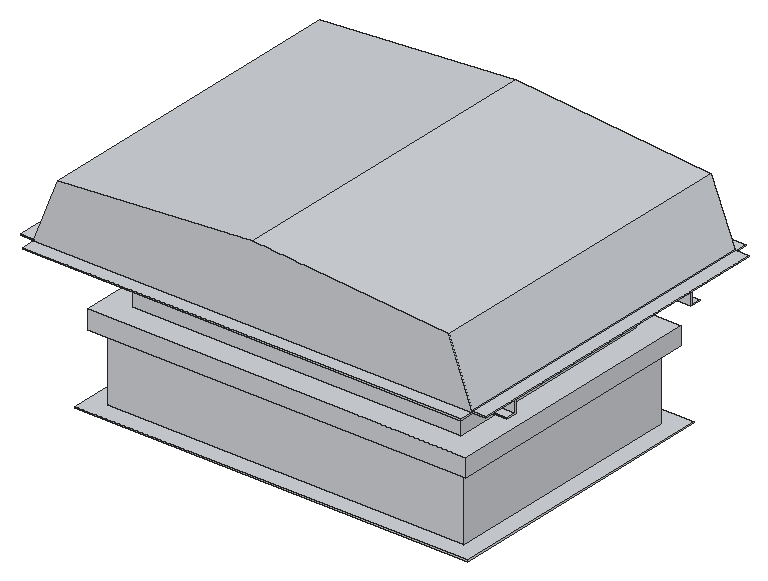
Revit family "GR", category Mechanical Equipment, Revit 2019
Family settings
  Round Connector Dimension = Use Diameter
  Part Type = Normal
  Work Plane-Based = No
  Always vertical = Yes
  Cut with Voids When Loaded = No
  Shared = No
  Room Calculation Point = No
Parameters (values of type "GR")
  tw+5.5/2 = twplus5.5 / 2  # 20 3/4"
  twplus5.5 = GR_Throat_Width + 5 1/2"  # 41 1/2"
  tl+5.5/2 = tlplus5.5 / 2  # 14 3/4"
  tlplus5.5 = GR_Throat_Length + 5 1/2"  # 29 1/2"
  tempB = if(((tempA * 12) - (GR_Throat_Length * 12) - 2" * 2.16) / 2 < 36", tempA + 12", tempA)  # 36"
  tempA = qtyhoodpanel * 12"  # 36"
  ratio = 1
  qtyhoodpanel = ((nhp / 144") + 0.0166)  # 3
  nhp = ((GR_Throat_Length * 12) - 0.5 * ((GR_Throat_Width * 12) + (GR_Throat_Length * 12))) + ((ratio + 1) * (GR_Throat_Width * 12) * (GR_Throat_Length * 12)) ^ 0.5  # 426.83063"
  hw = if(hoodwidthB < 28", 28", hoodwidthB)  # 48"
  hoodwidthB = (HoodArea * 144" / (qtyhoodpanel * 12.00 SF)) + 0"  # 48"
  Unit Weight [instance] = ""
  Sones [instance] = ""
  ModelID [instance] = ""
  LwA [instance] = ""
  HoodArea = (GR_Throat_Width * GR_Throat_Length * (ratio + 1))  # 12.00 SF
  HW_/2 = HoodWidth / 2  # 24"
  TL_/2 = GR_Throat_Length / 2  # 12"
  TW_/2 = GR_Throat_Width / 2  # 18"
  HL_/2 = HoodLength / 2  # 18"
  H/6 = H / 6  # 2.575"
  H/4 = (H - 7") * 0.8  # 6.76"
  H/10 = H / 10  # 1.545"
  CURB_HEIGHT [instance] = 9 1/2"
  CURB [instance] = yes
  Accessories [instance] = ""
  2.75 = 2 3/4"  # constant formula
  2" = 2"  # constant formula
  1.5 = 1 1/2"  # constant formula
  0 = 0"
  URL = "www.lorencook.com"
  Type Comments = "Aluminum Relief Ventilator"  # constant formula
  GR_Throat_Length = 24"
  GR_Throat_Width = 36"
  Static Pressure [instance] = 0.00 in-wg
  Model = "GR"  # constant formula
  Manufacturer = "Loren Cook Company"
  HoodLength = tempB  # 36"
  HoodWidth = hw  # 48"
  H = ((GR_Throat_Width * GR_Throat_Length * ((ratio + 1) / 2)) / ((2 * GR_Throat_Width) + (2 * GR_Throat_Length))) + 1 1/4" + 7"  # 15.45"
  CFM [instance] = 0 CFM
  1.25 = 1 1/4"  # constant formula
  ONE EIGTH = 1/8"  # constant formula
  -hw/2 = -(HoodWidth / 2)  # -24"
  -HL/2 = -(HoodLength / 2)  # -18"
Reference planes (in)
  plane 1 "Center (Front/Back)": y = 0
  plane 2: z = 0
  plane 3 "Center (Left/Right)": x = 0.40541
Forms (in)
  Extrusion 1, solid
    sketch origin (0, 0, 0) x (1, 0, 0) y (0, 1, 0)
      loop
        line (-20.34459, 14.75) -> (-20.34459, -14.75) -> (21.15541, -14.75) -> (21.15541, 14.75) -> (-20.34459, 14.75)
    from 2 to 0
  Extrusion 2, solid
    sketch origin (0, 0, 2) x (1, 0, 0) y (0, 1, 0)
      loop
        line (-17.59459, 12) -> (-17.59459, -12) -> (18.40541, -12) -> (18.40541, 12) -> (-17.59459, 12)
    from 7 to 0
  Extrusion 3, solid
    sketch origin (0, 0, 0) x (1, 0, 0) y (0, 0, 1)
      loop
        line (0.40541, 9) -> (24.40541, 9) -> (24.40541, 9.125) -> (21.83041, 15.76) -> (0.40541, 17.45) -> (-21.01959, 15.76) -> (-23.59459, 9.125) -> (-23.59459, 9) -> (0.40541, 9)
    from 18 <- "HL_/2" to -18 <- "-HL/2"
  Extrusion 4, solid
    sketch origin (0.40541, 0, 0) x (0, 1, 0) y (0, 0, 1)
      loop
        line (13.25, 9) -> (12, 9) -> (12, 6.25) -> (13.25, 6.25) -> (13.25, 6.375) -> (12.125, 6.375) -> (12.125, 8.875) -> (13.25, 8.875) -> (13.25, 9)
      loop
        line (-12, 9) -> (-13.25, 9) -> (-13.25, 8.875) -> (-12.125, 8.875) -> (-12.125, 6.375) -> (-13.25, 6.375) -> (-13.25, 6.25) -> (-12, 6.25) -> (-12, 9)
    from -24 <- "-hw/2" to 24 <- "HW_/2"
  Extrusion 5, solid
    sketch origin (0.40541, 0, 9) x (0, -1, 0) y (-1, 0, 0)
      loop
        line (18, -24) -> (-18, -24) -> (-18, -25.5) -> (18, -25.5) -> (18, -24)
      loop
        line (-18, 24) -> (18, 24) -> (18, 25.5) -> (-18, 25.5) -> (-18, 24)
    from 0 to -0.125
  Extrusion 6, solid
    sketch origin (0.40541, 0, 9) x (0, -1, 0) y (-1, 0, 0)
      loop
        line (18, -24) -> (19.5, -24) -> (19.5, 24) -> (18, 24) -> (18, -24)
      loop
        line (-18, 24) -> (-19.5, 24) -> (-19.5, -24) -> (-18, -24) -> (-18, 24)
    from 0 to 0.125
  Extrusion 7, void
    sketch origin (0, 0, 0) x (1, 0, 0) y (0, 1, 0)
      loop
        line (-20.21959, -14.625) -> (21.03041, -14.625) -> (21.03041, 14.625) -> (-20.21959, 14.625) -> (-20.21959, -14.625)
    from 0 to 1.875
  Extrusion 8, solid, visible <- "CURB"
    sketch origin (0, 0, 1.875) x (0, 1, 0) y (1, 0, 0)
      loop
        line (-12, -17.59459) -> (12, -17.59459) -> (12, 18.40541) -> (-12, 18.40541) -> (-12, -17.59459)
      loop
        line (13.5, 19.90541) -> (-13.5, 19.90541) -> (-13.5, -19.09459) -> (13.5, -19.09459) -> (13.5, 19.90541)
    from 0 to 9.5 <- "CURB_HEIGHT"
  Extrusion 9, solid, visible <- "CURB"
    sketch origin (0, 0, -7.625) x (-1, 0, 0) y (0, 1, 0)
      loop
        line (19.09459, -13.5) -> (19.09459, 13.5) -> (-19.90541, 13.5) -> (-19.90541, -13.5) -> (19.09459, -13.5)
      loop
        line (-21.90541, 15.5) -> (-21.90541, -15.5) -> (21.09459, -15.5) -> (21.09459, 15.5) -> (-21.90541, 15.5)
    from 0 to -0.125
Cuts and joins
  Extrusion 7 cuts Extrusion 1
Dimensions and locks (in)
  "twplus5.5": Extrusion 1 sketch curve to Extrusion 1 sketch curve
  "tlplus5.5": Extrusion 1 sketch curve to Extrusion 1 sketch curve
  "tw+5.5/2": Extrusion 1 sketch curve to plane 3 "Center (Left/Right)"
  "tl+5.5/2": plane 1 "Center (Front/Back)" to Extrusion 1 sketch curve
  "ONE EIGTH": Extrusion 3 sketch curve to Extrusion 3 sketch curve  (x2)
  "HoodWidth": Extrusion 3 sketch curve to Extrusion 3 sketch curve
  "HW_/2": Extrusion 3 sketch curve to plane 3 "Center (Left/Right)"
  "0": Extrusion 3 sketch curve to Extrusion 2
  "H": Extrusion 3 sketch curve to Extrusion 1
  "H/4": Extrusion 3 sketch curve to Extrusion 3 sketch curve  (x2)
  "H/6": Extrusion 3 sketch curve to Extrusion 3 sketch curve  (x2)
  "0": Extrusion 3 sketch curve to plane 3 "Center (Left/Right)"
  "0": Extrusion 4 sketch curve to Extrusion 3  (x2)
  "0": Extrusion 4 sketch curve to Extrusion 2
  "2.75": Extrusion 4 sketch curve to Extrusion 3  (x2)
  "ONE EIGTH": Extrusion 4 sketch curve to Extrusion 2
  "ONE EIGTH": Extrusion 4 sketch curve to Extrusion 4 sketch curve  (x2)
  "ONE EIGTH": Extrusion 3 to Extrusion 4 sketch curve
  "1.25": Extrusion 4 sketch curve to Extrusion 2  (x2)
  "0": Extrusion 2 to Extrusion 4 sketch curve
  "ONE EIGTH": Extrusion 4 sketch curve to Extrusion 3
  "ONE EIGTH": Extrusion 2 to Extrusion 4 sketch curve
  "1.25": Extrusion 2 to Extrusion 4 sketch curve
  "GR_Throat_Width": Extrusion 2 sketch curve to Extrusion 2 sketch curve
  "GR_Throat_Length": Extrusion 2 sketch curve to Extrusion 2 sketch curve
  "TL_/2": Extrusion 2 sketch curve to plane 1 "Center (Front/Back)"
  "TW_/2": Extrusion 2 sketch curve to plane 3 "Center (Left/Right)"
  "0": Extrusion 5 sketch curve to Extrusion 3  (x5)
  "1.5": Extrusion 5 sketch curve to Extrusion 3
  "0": Extrusion 3 to Extrusion 5 sketch curve
  "1.5": Extrusion 3 to Extrusion 5 sketch curve
  "0": Extrusion 6 sketch curve to Extrusion 5  (x3)
  "0": Extrusion 6 sketch curve to Extrusion 4
  "0": Extrusion 6 sketch curve to Extrusion 3  (x2)
  "1.5": Extrusion 6 sketch curve to Extrusion 3
  "1.5": Extrusion 3 to Extrusion 6 sketch curve
  "ONE EIGTH": Extrusion 1 to Extrusion 7 sketch curve  (x3)
  "ONE EIGTH": Extrusion 7 sketch curve to Extrusion 1
  "1.5": Extrusion 8 sketch curve to Extrusion 8 sketch curve  (x4)
  "TW_/2": Extrusion 8 sketch curve to plane 3 "Center (Left/Right)"
  "TW_/2": plane 3 "Center (Left/Right)" to Extrusion 8 sketch curve
  "TL_/2": Extrusion 8 sketch curve to plane 1 "Center (Front/Back)"  (x2)
  "2"": Extrusion 9 sketch curve to Extrusion 9 sketch curve  (x4)
  "0": Extrusion 8 to Extrusion 9 sketch curve
  "0": Extrusion 9 sketch curve to Extrusion 8  (x3)
Automatic sketch dimensions
  Extrusion 3 sketch curve to plane 3 "Center (Left/Right)" = 0"
  Extrusion 4 sketch curve to Extrusion 4 sketch curve = 0"
Connectors (in)
  hvac at (0.40541, 0, 2), driven by "CFM", driven by "GR_Throat_Length", driven by "GR_Throat_Width"
    settings: on cut or joined group of Extrusion 1, Extrusion 7, index 1, duct flow 0 CFM, flow factor 0, pres drop 0.00 in-wg, loss coef 0, conn angle 0.00°, conn width 36", conn height 24", conn diameter 24", duct sys type 1, conn prof type 1, flow config 0, flow direction 2, loss method 0, conn ref index -1, conn util no, is conn primary yes, conn desc ""
